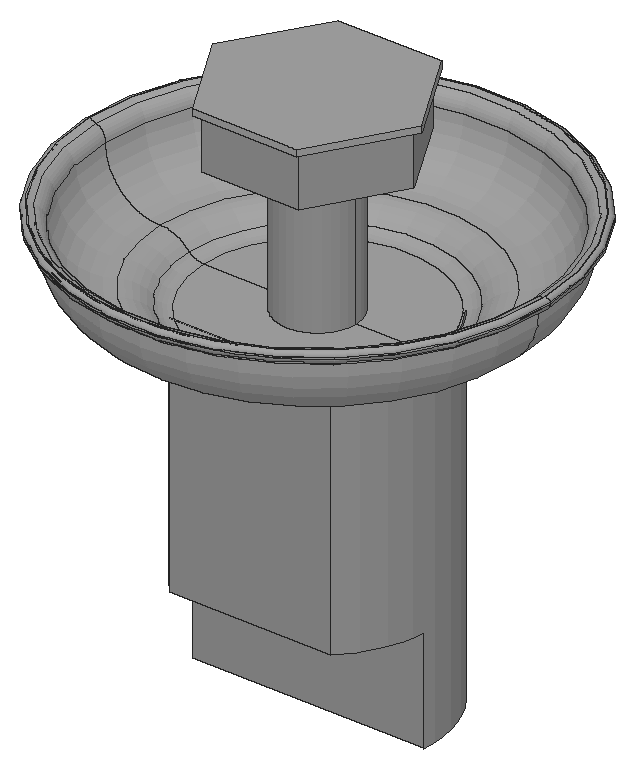
Revit family "Washfountain_Willoughby-WAF-3606-FLR", category Plumbing Fixtures, Revit 2015
Parameters (values of type "Standard")
  Waste DIA = 2"
  Waste Connection = yes
  Vent Connection = no
  URL = "https://www.willoughby-ind.com/wp-content/uploads/2018/01/WAF-3606.pdf"
  Solid Surface Sink = Solid Surface Acrylic Resin-Willoughby
  Revision = "A"
  Model = "WAF-3606-FLR"
  Manufacturer = "Willoughby Industries"
  Keynote = ""
  HW Connection = yes
  HCW DIA = 1/2"
  Fixture Body = Stainless Steel AISI 304-Willoughby
  Description = "Six Station round Washfountain, Floor Mounted"
  Default Elevation = 0' - 0"
  Contact = "(800) 428-4065"
  CW Connection = yes
Reference planes (in)
  plane 1 "Center (Front/Back)": y = 0
  plane 2: z = 0
  plane 3 "Center (Left/Right)": x = 0
  plane 4: z = 34
  plane 5: z = 42.5
  plane 6: z = 42
  plane 7: z = 38
  plane 8: z = 26.5
  plane 9: x = 18
  plane 10: x = -18
  plane 11: z = 28.5
  plane 12: x = 8.25
  plane 13: x = -8.25
  plane 14: x = 7.25
  plane 15: y = -6.5
  plane 16: y = -5.04234
  plane 17: y = -0.875
Forms (in)
  Revolve 1, solid, material "Solid Surface Acrylic Resin-Willoughby" <- "Solid Surface Sink"
    sketch origin (0, 0, 0) x (1, 0, 0) y (0, 0, 1)
      loop
        line (-18, 33.683) -> (-18, 33.56644)
        arc (-18, 33.56644) -> (-17.91323, 33.3196) -> (-17.6911, 33.18136) r 0.39447
        line (-17.6911, 33.18136) -> (-17.4375, 33.125)
        arc (-17.4375, 33.125) -> (-17.25573, 32.97535) -> (-17.1875, 32.75) r 0.40625
        arc (-17.1875, 32.75) -> (-15.72303, 29.21447) -> (-12.1875, 27.75) r 5
        arc (-12.1875, 27.75) -> (-11.25104, 27.5363) -> (-10.5, 26.9375) r 2.15865
        arc (-10.5, 26.9375) -> (-9.72359, 26.42847) -> (-8.8125, 26.25) r 2.41477
        line (-8.8125, 26.25) -> (0, 26.25) -> (0, 27) -> (-8.8125, 27)
        arc (-8.8125, 27) -> (-9.42263, 27.11584) -> (-9.94786, 27.44722) r 1.66477
        arc (-9.94786, 27.44722) -> (-10.95013, 28.22368) -> (-12.1875, 28.5) r 2.90865
        arc (-12.1875, 28.5) -> (-15.1927, 29.7448) -> (-16.4375, 32.75) r 4.25
        arc (-16.4375, 32.75) -> (-16.63169, 33.39137) -> (-17.14904, 33.81731) r 1.15625
        line (-17.14904, 33.81731) -> (-17.62233, 34.01451) -> (-17.66849, 34.01451)
        arc (-17.66849, 34.01451) -> (-17.9029, 33.91742) -> (-18, 33.683) r 0.33151
      axis (0, 34.01451) -> (0, 26.25)
    angle from 0 to 360
  Revolve 2, solid, material "Stainless Steel AISI 304-Willoughby" <- "Fixture Body"
    sketch origin (0, 0, 0) x (1, 0, 0) y (0, 0, 1)
      loop
        line (0, 26.9375) -> (0, 38) -> (-3, 38) -> (-3, 26.9375) -> (0, 26.9375)
      axis (0, 38) -> (0, 26.9375)
    angle from 0 to 360
  Extrusion 3, solid, material "Stainless Steel AISI 304-Willoughby" <- "Fixture Body"
    sketch origin (65.34541, 0, 42) x (1, 0, 0) y (0, 1, 0)
      loop
        line (-61.59541, 6.5) -> (-69.09541, 6.5) -> (-72.84541, 0) -> (-69.09541, -6.5) -> (-61.59541, -6.5) -> (-57.84541, 0) -> (-61.59541, 6.5)
    from 0 to -4
  Extrusion 4, solid, material "Solid Surface Acrylic Resin-Willoughby" <- "Solid Surface Sink"
    sketch origin (65.34541, 0, 42) x (1, 0, 0) y (0, 1, 0)
      loop
        line (-69.38419, 7) -> (-73.42265, 0) -> (-69.3812, -7) -> (-61.30663, -7) -> (-57.26672, 0.0025) -> (-61.30673, 7) -> (-69.38419, 7)
    from 0 to 0.5
  Extrusion 5, solid, material "Stainless Steel AISI 304-Willoughby" <- "Fixture Body"
    sketch origin (0, 0, 0) x (1, 0, 0) y (0, 1, 0)
      loop
        line (-6.22495, -6.5) -> (6.22495, -6.5)
        arc (6.22495, -6.5) -> (0, 9) -> (-6.22495, -6.5) r 9
    from 0 to 27
  Extrusion 6, void
    sketch origin (0, 0, 0) x (1, 0, 0) y (0, 0, 1)
      loop
        line (-10.25, 0) -> (11.75, 0) -> (11.75, 8) -> (-10.25, 8) -> (-10.25, 0)
    from 0.875 to 6.5
  Extrusion 7, solid, material "Stainless Steel AISI 304-Willoughby" <- "Fixture Body", detail levels medium+fine
    sketch origin (0, 0, 0) x (1, 0, 0) y (0, 1, 0)
      loop
        circle (2, 2) r 0.25
    from 3 to 6
  Extrusion 8, solid, material "Stainless Steel AISI 304-Willoughby" <- "Fixture Body", detail levels medium+fine
    sketch origin (0, 0, 0) x (1, 0, 0) y (0, 1, 0)
      loop
        circle (2, 6) r 0.25
    from 3 to 6
  Extrusion 9, solid, material "Stainless Steel AISI 304-Willoughby" <- "Fixture Body", detail levels medium+fine
    sketch origin (0, 0, 0) x (1, 0, 0) y (0, 1, 0)
      loop
        circle (5, 2) r 1
    from 3 to 6
Cuts and joins
  Extrusion 6 cuts Extrusion 5
Lines and regions (in)
  symbolic lines
    curve 1: circle (0, 0, 0) r 18 normal (0, 0, 1)
    curve 3: circle (0, 0, 0) r 9.94786 normal (0, 0, 1)
    curve 4: line (-8.07724, 0, 0) -> (-4.03878, 7, 0)
    curve 5: line (-4.03878, 7, 0) -> (4.03868, 7, 0)
    curve 6: line (4.03868, 7, 0) -> (8.07868, 0.0025, 0)
    curve 7: line (8.07868, 0.0025, 0) -> (4.03878, -7, 0)
    curve 8: line (4.03878, -7, 0) -> (-4.03579, -7, 0)
    curve 9: line (-4.03579, -7, 0) -> (-8.07724, 0, 0)
    curve 10: line (-9.04264, 0, 0) -> (8.95736, 0, 0)
    curve 11: line (8.95736, 0, 0) -> (8.95736, 0, 26.25)
    curve 12: line (8.95736, 0, 26.25) -> (-9.04264, 0, 26.25)
    curve 13: line (-9.04264, 0, 26.25) -> (-9.04264, 0, 0)
    curve 14: line (8.07868, 0, 42.5) -> (-8.07724, 0, 42.5)
    curve 15: line (-8.07724, 0, 42.5) -> (-8.07724, 0, 42)
    curve 16: line (-8.07724, 0, 42) -> (8.07868, 0, 42)
    curve 17: line (7.5, 0, 42) -> (7.5, 0, 38)
    curve 18: line (7.5, 0, 38) -> (-7.5, 0, 38)
    curve 19: line (-7.5, 0, 38) -> (-7.5, 0, 42)
    curve 20: line (-3, 0, 38) -> (-3, 0, 34)
    curve 21: line (3, 0, 38) -> (3, 0, 34)
    curve 22: line (17.67433, 0, 34.01451) -> (-17.66849, 0, 34.01451)
    curve 23: arc (-17.66849, 0, 34.01451) -> (-17.92636, 0, 33.89427) -> (-18, 0, 33.61943) r 0.33663
    curve 24: arc (-18, 0, 33.61943) -> (-17.97806, 0, 33.43117) -> (-17.87385, 0, 33.27285) r 0.41033
    curve 25: arc (-17.87385, 0, 33.27285) -> (-17.74517, 0, 33.19041) -> (-17.59532, 0, 33.16032) r 0.41362
    curve 26: arc (-17.59532, 0, 33.16032) -> (-17.51668, 0, 33.14146) -> (-17.4375, 0, 33.125) r 2.66966
    curve 27: arc (-17.4375, 0, 33.125) -> (-17.23421, 0, 32.93784) -> (-17.18322, 0, 32.66626) r 0.4385
    curve 28: arc (-17.18322, 0, 32.66626) -> (-15.63891, 0, 29.13199) -> (-12.04022, 0, 27.74442) r 5.00648
    curve 29: arc (-12.04022, 0, 27.74442) -> (-11.18671, 0, 27.50015) -> (-10.5, 0, 26.9375) r 2.19282
    curve 30: arc (-10.5, 0, 26.9375) -> (-9.82814, 0, 26.4733) -> (-9.04264, 0, 26.25) r 2.50368
    curve 31: arc (8.95736, 0, 26.25) -> (9.79067, 0, 26.45465) -> (10.5, 0, 26.9375) r 2.41744
    curve 32: arc (10.5, 0, 26.9375) -> (11.26785, 0, 27.55102) -> (12.23139, 0, 27.74486) r 2.08608
    curve 33: arc (12.23139, 0, 27.74486) -> (15.73139, 0, 29.19461) -> (17.18114, 0, 32.69461) r 4.94975
    curve 34: arc (17.18114, 0, 32.69461) -> (17.25008, 0, 32.94509) -> (17.4375, 0, 33.125) r 0.48946
    curve 35: line (17.4375, 0, 33.125) -> (17.71259, 0, 33.18851)
    curve 36: arc (17.71259, 0, 33.18851) -> (17.93508, 0, 33.33858) -> (18, 0, 33.59897) r 0.37443
    curve 37: arc (18, 0, 33.59897) -> (17.99143, 0, 33.75232) -> (17.92701, 0, 33.89173) r 0.4098
    curve 38: arc (17.92701, 0, 33.89173) -> (17.81625, 0, 33.98519) -> (17.67433, 0, 34.01451) r 0.29453
    curve 39: line (-9.04264, 0, 8) -> (8.95736, 0, 8)
    curve 40: line (8.07868, 0, 42.5) -> (8.07868, 0, 42)
    curve 41: line (0, 7, 42) -> (0, 7, 42.5)
    curve 42: line (0, 7, 42.5) -> (0, -7, 42.5)
    curve 43: line (0, -7, 42.5) -> (0, -7, 42)
    curve 44: line (0, -7, 42) -> (0, -6.5, 42)
    curve 45: line (0, -6.5, 42) -> (0, -6.5, 38)
    curve 46: line (0, -6.5, 38) -> (0, 6.5, 38)
    curve 47: line (0, 6.5, 38) -> (0, 6.5, 42)
    curve 48: line (0, 6.5, 42) -> (0, -6.5, 42)
    curve 49: line (0, -3, 38) -> (0, -3, 34.01451)
    curve 50: line (0, 3, 38) -> (0, 3, 34)
    curve 51: line (0, 17.66849, 34.01451) -> (0, -17.66849, 34.01451)
    curve 52: arc (0, -17.66849, 34.01451) -> (0, -17.92581, 33.89452) -> (0, -17.99929, 33.62028) r 0.33591
    curve 53: arc (0, -17.99929, 33.62028) -> (0, -17.93731, 33.3533) -> (0, -17.71862, 33.18808) r 0.40203
    curve 54: line (0, -17.71862, 33.18808) -> (0, -17.4375, 33.125)
    curve 55: arc (0, -17.4375, 33.125) -> (0, -17.23481, 32.93084) -> (0, -17.18719, 32.65424) r 0.44855
    curve 56: arc (0, -17.18719, 32.65424) -> (0, -15.65505, 29.14933) -> (0, -12.09881, 27.74044) r 5.02154
    curve 57: arc (0, -12.09881, 27.74044) -> (0, -11.20138, 27.53416) -> (0, -10.5, 26.9375) r 1.94108
    curve 58: arc (0, -10.5, 26.9375) -> (0, -9.75438, 26.45468) -> (0, -8.88912, 26.25372) r 2.57687
    curve 59: line (0, -8.88912, 26.25372) -> (0, 9.00309, 26.25372)
    curve 60: arc (0, 9.00309, 26.25372) -> (0, 9.81057, 26.4664) -> (0, 10.5, 26.9375) r 2.45425
    curve 61: arc (0, 10.5, 26.9375) -> (0, 11.23447, 27.53322) -> (0, 12.15608, 27.74523) r 2.09481
    curve 62: arc (0, 12.15608, 27.74523) -> (0, 15.7149, 29.21933) -> (0, 17.189, 32.77815) r 5.03292
    curve 63: arc (0, 17.189, 32.77815) -> (0, 17.25754, 32.99149) -> (0, 17.4375, 33.125) r 0.36632
    curve 64: line (0, 17.4375, 33.125) -> (0, 17.68109, 33.18124)
    curve 65: arc (0, 17.68109, 33.18124) -> (0, 17.92783, 33.34455) -> (0, 18.00691, 33.62968) r 0.42245
    curve 66: arc (0, 18.00691, 33.62968) -> (0, 17.92472, 33.89863) -> (0, 17.66849, 34.01451) r 0.34122
    curve 67: line (0, 9.00309, 26.25372) -> (0, 9.00309, 0)
    curve 68: line (0, 9.00309, 0) -> (0, -0.875, 0)
    curve 69: line (0, -0.875, 0) -> (0, -0.875, 8)
    curve 70: line (0, -0.875, 8) -> (0, -6.5, 8)
    curve 71: line (0, -6.5, 8) -> (0, -6.5, 26.25372)
  symbolic lines, detail levels fine
    curve 2: circle (0, 0, 0) r 16.5 normal (0, 0, 1)
Dimensions and locks (in)
  plane 7 to plane 6 = 0' - 4"
  plane 8 to plane 11 = 0' - 2"  (x2)
  Revolve 1 sketch curve to plane 11 to plane 4 = 0' - 2 1/4", 0' - 5 1/2"
  plane 13 to plane 14 = 1' - 3 1/2"
  aligned and locked: Revolve 2 sketch curve to Revolve 2 sketch curve  (x2)
  aligned and locked: plane 17 to Extrusion 6
  aligned and locked: plane 5 to Extrusion 4
  aligned and locked: Extrusion 4 to plane 6
  aligned and locked: plane 6 to Extrusion 3
  aligned and locked: Extrusion 3 to plane 7
  aligned and locked: curve 39 to cut or joined group of Extrusion 5, Extrusion 6
Connectors (in)
  piping at (2, 6, 3), diameter 0.5, driven by "HCW DIA", driven by "HW Connection"
    settings: on Extrusion 8, index 1, connector inside diameter 24", connector length 0' - 0", flow factor 0, pipe flow 0 GPM, pressure drop 0.00 psi, fitting loss kfactor 0, connector angle 0.00°, fixture units 0, engagement length 0' - 0", angle of deflection 0.00°, flow configuration 0, flow direction 1, fitting loss method 0, system type 19, joint type 0, gender type 0, connector reference index -1, connector utility 1, adjustable connector no, is connector primary yes, connector description "HW Inlet"
  piping at (2, 2, 3), diameter 0.5, driven by "HCW DIA", driven by "CW Connection"
    settings: on Extrusion 7, index 2, connector inside diameter 24", connector length 0' - 0", flow factor 0, pipe flow 0 GPM, pressure drop 0.00 psi, fitting loss kfactor 0, connector angle 0.00°, fixture units 0, engagement length 0' - 0", angle of deflection 0.00°, flow configuration 0, flow direction 1, fitting loss method 0, system type 20, joint type 0, gender type 0, connector reference index -1, connector utility 1, adjustable connector no, is connector primary no, connector description "CW Inlet"
  piping at (5, 2, 3), diameter 2, driven by "Waste DIA", driven by "Waste Connection"
    settings: on Extrusion 9, index 3, connector inside diameter 24", connector length 0' - 0", flow factor 0, pipe flow 0 GPM, pressure drop 0.00 psi, fitting loss kfactor 0, connector angle 0.00°, fixture units 0, engagement length 0' - 0", angle of deflection 0.00°, flow configuration 0, flow direction 2, fitting loss method 0, system type 16, joint type 0, gender type 0, connector reference index -1, connector utility 1, adjustable connector no, is connector primary no, connector description "Sink Waste"
